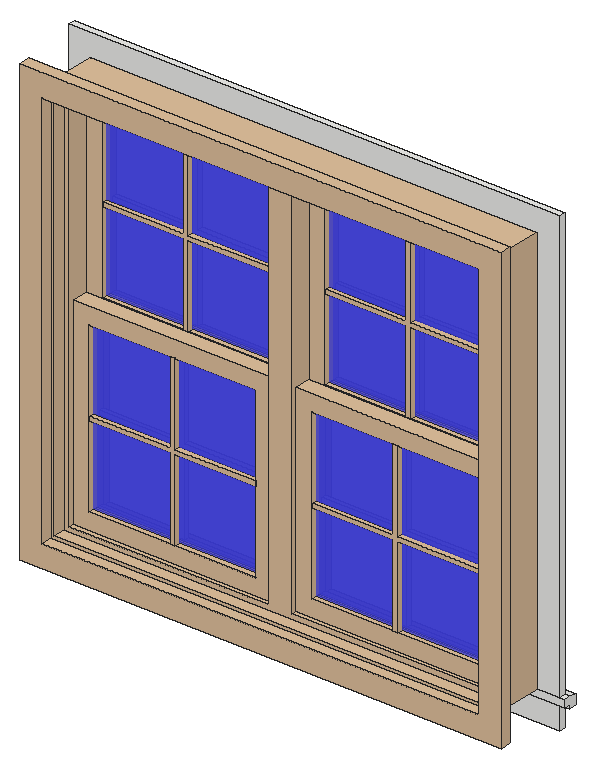
Revit family "M_Janela-única-suspensa-dupla", category Janelas, Revit 2019 (continued)
Types in the file's own list only (55): name | Transmissão de luz visual | Visibilidade do montante superior | Resistência térmica (R) | Coeficiente de ganho de calor solar | Largura do montante | Padrão do montante | Altura do montante | Largura bruta | Altura bruta | Coeficiente de transferência de calor (U) | Visibilidade do montante inferior | Altura | Largura
  1300 x 1400mm | 0.81 | Sim | 0.3196 (m²·K)/W | 0.76 | 499 mm | M_Padrão do montante_2x2 | 602 mm | 1315 mm | 1415 mm | 3.1293 W/(m²·K) | Sim | 1400 mm | 1300 mm
  1300 x 1550mm | 0.81 | Sim | 0.3196 (m²·K)/W | 0.76 | 499 mm | M_Padrão do montante_2x2 | 677 mm | 1315 mm | 1565 mm | 3.1293 W/(m²·K) | Sim | 1550 mm | 1300 mm
  1400 x 800mm | 0.81 | Sim | 0.3196 (m²·K)/W | 0.76 | 549 mm | M_Padrão do montante_2x2 | 302 mm | 1415 mm | 815 mm | 3.1293 W/(m²·K) | Sim | 800 mm | 1400 mm
  1400 x 900mm | 0.81 | Sim | 0.3196 (m²·K)/W | 0.76 | 549 mm | M_Padrão do montante_2x2 | 352 mm | 1415 mm | 915 mm | 3.1293 W/(m²·K) | Sim | 900 mm | 1400 mm
  1400 x 1100mm | 0.81 | Sim | 0.3196 (m²·K)/W | 0.76 | 549 mm | M_Padrão do montante_2x2 | 452 mm | 1415 mm | 1115 mm | 3.1293 W/(m²·K) | Sim | 1100 mm | 1400 mm
  1400 x 1150mm | 0.81 | Sim | 0.3196 (m²·K)/W | 0.76 | 549 mm | M_Padrão do montante_2x2 | 477 mm | 1415 mm | 1165 mm | 3.1293 W/(m²·K) | Sim | 1150 mm | 1400 mm
  1400 x 1300mm | 0.81 | Sim | 0.3196 (m²·K)/W | 0.76 | 549 mm | M_Padrão do montante_2x2 | 552 mm | 1415 mm | 1315 mm | 3.1293 W/(m²·K) | Sim | 1300 mm | 1400 mm
  1400 x 1400mm | 0.81 | Sim | 0.3196 (m²·K)/W | 0.76 | 549 mm | M_Padrão do montante_2x2 | 602 mm | 1415 mm | 1415 mm | 3.1293 W/(m²·K) | Sim | 1400 mm | 1400 mm
  1400 x 1550mm | 0.81 | Sim | 0.3196 (m²·K)/W | 0.76 | 549 mm | M_Padrão do montante_2x2 | 677 mm | 1415 mm | 1565 mm | 3.1293 W/(m²·K) | Sim | 1550 mm | 1400 mm
  1500 x 800mm | 0.81 | Sim | 0.3196 (m²·K)/W | 0.76 | 599 mm | M_Padrão do montante_2x2 | 302 mm | 1515 mm | 815 mm | 3.1293 W/(m²·K) | Sim | 800 mm | 1500 mm
  1500 x 900mm | 0.81 | Sim | 0.3196 (m²·K)/W | 0.76 | 599 mm | M_Padrão do montante_2x2 | 352 mm | 1515 mm | 915 mm | 3.1293 W/(m²·K) | Sim | 900 mm | 1500 mm
  1500 x 1100mm | 0.81 | Sim | 0.3196 (m²·K)/W | 0.76 | 599 mm | M_Padrão do montante_2x2 | 452 mm | 1515 mm | 1115 mm | 3.1293 W/(m²·K) | Sim | 1100 mm | 1500 mm
  1500 x 1150mm | 0.81 | Sim | 0.3196 (m²·K)/W | 0.76 | 599 mm | M_Padrão do montante_2x2 | 477 mm | 1515 mm | 1165 mm | 3.1293 W/(m²·K) | Sim | 1150 mm | 1500 mm
  1500 x 1300mm | 0.81 | Sim | 0.3196 (m²·K)/W | 0.76 | 599 mm | M_Padrão do montante_2x2 | 552 mm | 1515 mm | 1315 mm | 3.1293 W/(m²·K) | Sim | 1300 mm | 1500 mm
  1500 x 1400mm | 0.81 | Sim | 0.3196 (m²·K)/W | 0.76 | 599 mm | M_Padrão do montante_2x2 | 602 mm | 1515 mm | 1415 mm | 3.1293 W/(m²·K) | Sim | 1400 mm | 1500 mm
  1500 x 1550mm | 0.81 | Sim | 0.3196 (m²·K)/W | 0.76 | 599 mm | M_Padrão do montante_2x2 | 677 mm | 1515 mm | 1565 mm | 3.1293 W/(m²·K) | Sim | 1550 mm | 1500 mm
  1700 x 800mm | 0.81 | Sim | 0.3196 (m²·K)/W | 0.76 | 699 mm | M_Padrão do montante_2x2 | 302 mm | 1715 mm | 815 mm | 3.1293 W/(m²·K) | Sim | 800 mm | 1700 mm
  1700 x 900mm | 0.81 | Sim | 0.3196 (m²·K)/W | 0.76 | 699 mm | M_Padrão do montante_2x2 | 352 mm | 1715 mm | 915 mm | 3.1293 W/(m²·K) | Sim | 900 mm | 1700 mm
  1700 x 1100mm | 0.81 | Sim | 0.3196 (m²·K)/W | 0.76 | 699 mm | M_Padrão do montante_2x2 | 452 mm | 1715 mm | 1115 mm | 3.1293 W/(m²·K) | Sim | 1100 mm | 1700 mm
  1700 x 1150mm | 0.81 | Sim | 0.3196 (m²·K)/W | 0.76 | 699 mm | M_Padrão do montante_2x2 | 477 mm | 1715 mm | 1165 mm | 3.1293 W/(m²·K) | Sim | 1150 mm | 1700 mm
  1700 x 1300mm | 0.81 | Sim | 0.3196 (m²·K)/W | 0.76 | 699 mm | M_Padrão do montante_2x2 | 552 mm | 1715 mm | 1315 mm | 3.1293 W/(m²·K) | Sim | 1300 mm | 1700 mm
  1700 x 1400mm | 0.81 | Sim | 0.3196 (m²·K)/W | 0.76 | 699 mm | M_Padrão do montante_2x2 | 602 mm | 1715 mm | 1415 mm | 3.1293 W/(m²·K) | Sim | 1400 mm | 1700 mm
  1700 x 1550mm | 0.81 | Sim | 0.3196 (m²·K)/W | 0.76 | 699 mm | M_Padrão do montante_2x2 | 677 mm | 1715 mm | 1565 mm | 3.1293 W/(m²·K) | Sim | 1550 mm | 1700 mm
  1900 x 800mm | 0.81 | Sim | 0.3196 (m²·K)/W | 0.76 | 799 mm | M_Padrão do montante_2x2 | 302 mm | 1915 mm | 815 mm | 3.1293 W/(m²·K) | Sim | 800 mm | 1900 mm
  1900 x 900mm | 0.81 | Sim | 0.3196 (m²·K)/W | 0.76 | 799 mm | M_Padrão do montante_2x2 | 352 mm | 1915 mm | 915 mm | 3.1293 W/(m²·K) | Sim | 900 mm | 1900 mm
  1900 x 1100mm | 0.81 | Sim | 0.3196 (m²·K)/W | 0.76 | 799 mm | M_Padrão do montante_2x2 | 452 mm | 1915 mm | 1115 mm | 3.1293 W/(m²·K) | Sim | 1100 mm | 1900 mm
  1900 x 1150mm | 0.81 | Sim | 0.3196 (m²·K)/W | 0.76 | 799 mm | M_Padrão do montante_2x2 | 477 mm | 1915 mm | 1165 mm | 3.1293 W/(m²·K) | Sim | 1150 mm | 1900 mm
  1900 x 1300mm | 0.81 | Sim | 0.3196 (m²·K)/W | 0.76 | 799 mm | M_Padrão do montante_2x2 | 552 mm | 1915 mm | 1315 mm | 3.1293 W/(m²·K) | Sim | 1300 mm | 1900 mm
  1900 x 1400mm | 0.81 | Sim | 0.3196 (m²·K)/W | 0.76 | 799 mm | M_Padrão do montante_2x2 | 602 mm | 1915 mm | 1415 mm | 3.1293 W/(m²·K) | Sim | 1400 mm | 1900 mm
  1900 x 1550mm | 0.81 | Sim | 0.3196 (m²·K)/W | 0.76 | 799 mm | M_Padrão do montante_2x2 | 677 mm | 1915 mm | 1565 mm | 3.1293 W/(m²·K) | Sim | 1550 mm | 1900 mm
